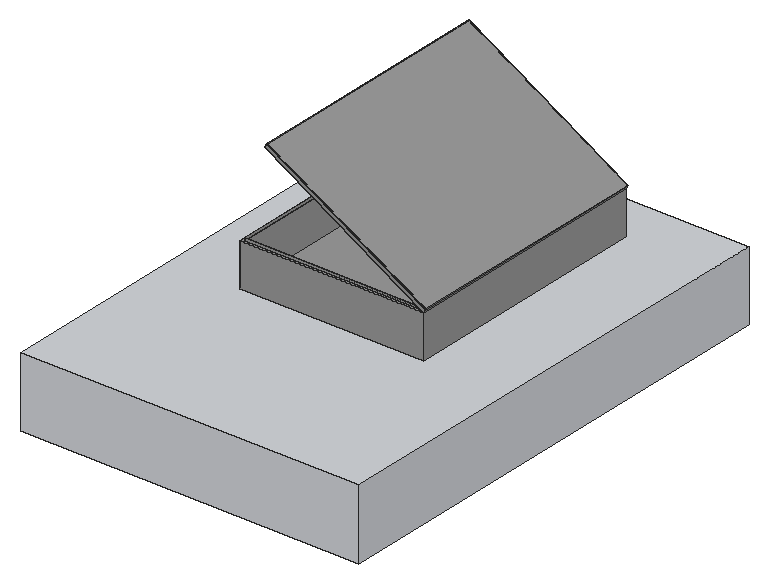
Revit family "Hager-Univers-IP44-D205-H1100-Cl.II-Encl-CH-it", category Equipement électrique, Revit 2020
Family settings
  Hôte = Face
  Configuration du panneau = Deux colonnes, circuits au sein
  Cote de connecteur circulaire = Utiliser le diamètre
  Type d'élément = Tableau de raccordement
  Couper avec des vides une fois chargée = Non
  Partagée = Non
  Point de calcul de pièce = Non
Parameters (values of type "A parete IP44 L800 A1100 P205  - FP73QS")
  Width Control [instance] = if([EF000008 - Larghezza] > Min Width, [EF000008 - Larghezza], Min Width)  # 800 mm
  Commentaires du type = [HG000003 - Gamma]  # "Univers"
  Thickness Door [instance] = if([EF009171 - spessore materiale porta/coperchio] > 3 mm, 3 mm, [EF009171 - spessore materiale porta/coperchio])  # 1 mm
  Seal Frame Offset [instance] = 17 mm  # constant formula
  Plinth Visibility [instance] = [HG000027 - Altezza dello zoccolo] > 0 mm  # no
  Model = ""
  Min Width [instance] = 100 mm  # constant formula
  Min Height [instance] = 100 mm  # constant formula
  Min Depth [instance] = (2 * [EF009170 - spessore materiale scatola]) + 1 mm  # 3 mm
  Internal Frame Depth [instance] = (Door System Depth * 0.5)  # 9 mm
  Height Control [instance] = if([EF000040 - Altezza] > Min Height, [EF000040 - Altezza], Min Height)  # 1100 mm
  HG000027 - Altezza dello zoccolo = 0 mm
  HG000026 - A pavimento = no
  HG000024 - Altezza della sezione inferiore = 800 mm
  HG000023 - Custodia a doppia sezione = no
  HG000016 - Visibilità delle porte nella vista 3D [instance] = yes
  HG000015 - Visibilità attraverso la porta [instance] = no
  HG000014 - Porta destra [instance] = yes
  HG000013 - Porta sinistra [instance] = not([HG000014 - Porta destra])  # no
  HG000012 - Angolo di apertura della porta [instance] = 30.00°
  HG000010 - Porte asimmetriche = no
  HG000009 - Porta doppia a battente = no
  HG000006 - Ad incasso = no
  HG000004 - Codice produttore = "FP73QS"
  HG000003 - Gamma = "Univers"
  HG000002 - Con porta = yes
  Frame Offset Bottom [instance] = 10 mm  # constant formula
  Frame Offset [instance] = 15 mm  # constant formula
  EF015940 - Coprire con rilascio di sovrapressione = no
  EF011959 - tipo di protezione (NEMA) = ""
  EF009554 - numero delle aperture per la piastra della flangia = 6
  Fabricant = "Hager"  # constant formula
  EF009212 - esecuzione coperchio = "EV000116 - chiuso"
  EF009171 - spessore materiale porta/coperchio = 1 mm
  EF009170 - spessore materiale scatola = 1 mm
  EF008873 - corrente nominale (In) = 250 A
  EF007800 - adatto per parafulmine = no
  EF006306 - con serratura = no
  EF006244 - coperchio/porta trasparente = no
  EF005474 - grado di protezione (IP) = "EV006418 - IP44"
  EF004464 - tipo di porta = "EV002646 - singolo"
  EF004427 - numero di moduli = 252
  EF004293 - resistenza agli urti = "EV006815 - IK09"
  EF003532 - adatto per uso esterno = no
  EF002950 - Numero moduli DIN = 36
  EF001613 - Integrità del circuito = "EV000494 - senza"
  EF001596 - Attacco Lampada = "EV000179 - acciaio"
  EF001131 - profondità interna = 143 mm
  EF001088 - possibilità di applicazione = yes
  EF000437 - numero di ingressi per conduttori = 6
  EF000339 - tipo di copertura = "EV001012 - coperchio"
  EF000266 - numero di file = 7
  EF000218 - profondità di incasso = 0 mm
  EF000118 - con piastra di montaggio = no
  EF000116 - numero RAL = "9010"
  EF000049 - profondità = 205 mm
  EF000040 - Altezza = 1100 mm
  EF000008 - Larghezza = 800 mm
  EF000007 - colore = "EV000202 - bianco"
  EF000003 - Tipo di montaggio = "EV000384 - A parete"
  Door System Leaf Tolerance [instance] = 1.5 mm  # constant formula
  Door System Depth [instance] = 18 mm  # constant formula
  Door Height [instance] = Height Control - [HG000027 - Altezza dello zoccolo]  # 1100 mm
  Depth Control [instance] = if([EF000049 - profondità] > Min Depth, [EF000049 - profondità], Min Depth)  # 205 mm
  Default Elevation = 0 mm
  Connector Offset [instance] = Height Control / 2  # 550 mm
  Bottom Top Plate Trim [instance] = 1.5 mm  # constant formula
  Plinth height Ctrl [instance] = if([HG000027 - Altezza dello zoccolo] > 0 mm, [HG000027 - Altezza dello zoccolo], 12 mm)  # 12 mm
Types (5, lengths in mm): name | Width Control | HG000009 - Porta doppia a battente | HG000004 - Codice produttore | EF009554 - numero delle aperture per la piastra della flangia | EF004464 - tipo di porta | EF004427 - numero di moduli | EF002950 - Numero moduli DIN | EF000437 - numero di ingressi per conduttori | EF000008 - Larghezza
  A parete IP44 L1050 A1100 P205  - FP74QS | 1050 | yes | "FP74QS" | 8 | "EV003602 - doppio" | 336 | 48 | 8 | 1050
  A parete IP44 L1300 A1100 P205  - FP75QS | 1300 | yes | "FP75QS" | 10 | "EV003602 - doppio" | 420 | 60 | 10 | 1300
  A parete IP44 L300 A1100 P205  - FP71QS | 300 | no | "FP71QS" | 2 | "EV002646 - singolo" | 84 | 12 | 2 | 300
  A parete IP44 L550 A1100 P205  - FP72QS | 550 | no | "FP72QS" | 4 | "EV002646 - singolo" | 168 | 24 | 4 | 550
  A parete IP44 L800 A1100 P205  - FP73QS | 800 | no | "FP73QS" | 6 | "EV002646 - singolo" | 252 | 36 | 6 | 800
Reference planes
  plane 1 "Center (Front/Back)": y = 0
  plane 2: z = 0
  plane 3 "Center (Left/Right)": x = 0
  plane 4: z = 205
  plane 5: y = 1
  plane 6: y = 550
  plane 7: y = 0
  plane 8: y = 1100
  plane 9: z = 0
  plane 10: x = -385
  plane 11: x = 385
  plane 12: x = 384
  plane 13: x = -384
  plane 14: y = 1099
  plane 15: x = -383
  plane 16: x = -400
  plane 17: x = 383
  plane 18: x = 400
  plane 19: x = 399
  plane 20: x = -399
  plane 21: y = 11
  plane 22: y = 1100
  plane 23: y = 1084
  plane 24: z = 187
  plane 25: z = 1
  plane 26: z = 186
  plane 27: z = 204
Forms (mm)
  Extrusion 1, solid
    sketch origin (0, 0, 0) x (1, 0, 0) y (0, 1, 0)
      loop
        line (-702.964, 1305) -> (-702.964, -811.445) -> (766.763, -811.445) -> (766.763, 1305) -> (-702.964, 1305)
    from 0 to -304.8
  Extrusion 2, solid, material "Hager_Steel_RAL7035_Light_Grey", visible <- "Plinth Visibility", detail levels medium+fine
    sketch origin (0, 0, 0) x (1, 0, 0) y (0, 1, 0)
      loop
        line (-400, 0) -> (400, 0) -> (400, 12) -> (-400, 12) -> (-400, 0)
    from 0 to 187
  Extrusion 3, solid, material "Hager_Steel_RAL7035_Light_Grey", detail levels medium+fine
    sketch origin (0, 0, 0) x (1, 0, 0) y (0, 1, 0)
      loop
        line (-400, 0) -> (400, 0) -> (400, 1100) -> (-400, 1100) -> (-400, 0)
    from 0 to 187
  Extrusion 4, void
    sketch origin (0, 0, 0) x (1, 0, 0) y (0, 1, 0)
      loop
        line (-399, 1) -> (399, 1) -> (399, 1099) -> (-399, 1099) -> (-399, 1)
    from 1 to 186
  Extrusion 5, void
    sketch origin (-381.607, -4572, 187) x (0, -1, 0) y (-1, 0, 0)
      loop
        line (-4583, 2.393) -> (-5656, 2.393) -> (-5656, -765.607) -> (-4583, -765.607) -> (-4583, 2.393)
    from 0 to 1 <- "EF009170 - spessore materiale scatola"
  Extrusion 6, solid, material "Hager_Steel_RAL7035_Light_Grey", detail levels fine
    sketch origin (0, 0, 187) x (1, 0, 0) y (0, 1, 0)
      loop
        line (-384, 1084) -> (-384, 11) -> (384, 11) -> (384, 1084) -> (-384, 1084)
      loop
        line (-385, 10) -> (385, 10) -> (385, 1085) -> (-385, 1085) -> (-385, 10)
    from 0 to 9 <- "Internal Frame Depth"
  Extrusion 7, solid, material "Hager_Steel_RAL7035_Light_Grey", detail levels coarse
    sketch origin (0, 0, 0) x (1, 0, 0) y (0, 1, 0)
      loop
        line (-400, 0) -> (400, 0) -> (400, 1100) -> (-400, 1100) -> (-400, 0)
    from 0 to 205
  Sweep 8, void
    path in 3D
      loop
        line (-400, 12, 0) -> (400, 12, 0) -> (400, 12, 187) -> (-400, 12, 187) -> (-400, 12, 0)
    profile origin (-400, 12, 93.5) x (-1, 0, 0) y (0, -1, 0)
      loop
        line (0, 0) -> (0, 1.5) -> (-1.5, 1.5)
        arc (-1.5, 1.5) -> (-1.061, 0.439) -> (0, 0) r 1.5
Cuts and joins
  Extrusion 4, Extrusion 5 cuts Extrusion 3
  Sweep 8 cuts Extrusion 2
Lines and regions (mm)
  Masking region 1
    outline origin (0, 0, 0) x (1, 0, 0) y (0, 0, 1)
      loop
        line (-400, 205) -> (-400, 0) -> (400, 0) -> (400, 205) -> (-400, 205)
  Masking region 2, detail levels medium+fine
    outline origin (0, 140, 0) x (0, 1, 0) y (0, 0, 1)
      loop
        line (-140, 0) -> (960, 0) -> (960, 187) -> (-140, 187) -> (-140, 0)
  Masking region 3, not visible, detail levels medium+fine
    outline origin (0, 297.922, 0) x (0, 1, 0) y (0, 0, 1)
      loop
        line (263.578, 0) -> (303.578, 0) -> (303.578, 194)
        arc (303.578, 194) -> (300.649, 201.071) -> (293.578, 204) r 10
        line (293.578, 204) -> (263.578, 204) -> (263.578, 0)
  Masking region 4, detail levels coarse
    outline origin (0, 0, 180) x (0, 1, 0) y (0, 0, 1)
      loop
        line (0, -180) -> (1100, -180) -> (1100, 25) -> (0, 25) -> (0, -180)
  Masking region 5, visible <- "Plinth Visibility", detail levels medium+fine
    outline origin (0, 52.24, 12.345) x (0, 0, -1) y (0, 1, 0)
      loop
        line (10.845, -40.24) -> (-173.155, -40.24)
        arc (-173.155, -40.24) -> (-173.594, -41.301) -> (-174.655, -41.74) r 1.5
        line (-174.655, -41.74) -> (-174.655, -52.24) -> (12.345, -52.24) -> (12.345, -41.74)
        arc (12.345, -41.74) -> (11.285, -41.301) -> (10.845, -40.24) r 1.5
  Masking region 6, detail levels medium+fine
    outline origin (-381.607, -4572, 187) x (-1, 0, 0) y (0, -1, 0)
      loop
        line (18.393, -5672) -> (18.393, -4572) -> (-781.607, -4572) -> (-781.607, -5672) -> (18.393, -5672)
  Masking region 7, visible <- "Plinth Visibility", detail levels medium+fine
    outline origin (-381.607, -4727, 187) x (-1, 0, 0) y (0, -1, 0)
      loop
        arc (16.893, -4739) -> (17.332, -4737.939) -> (18.393, -4737.5) r 1.5
        line (18.393, -4737.5) -> (18.393, -4727) -> (-781.607, -4727) -> (-781.607, -4737.5)
        arc (-781.607, -4737.5) -> (-780.546, -4737.939) -> (-780.107, -4739) r 1.5
        line (-780.107, -4739) -> (16.893, -4739)
  Masking region 8, detail levels coarse
    outline origin (-442.548, -4669.526, 187) x (-1, 0, 0) y (0, -1, 0)
      loop
        line (-42.548, -5769.526) -> (-42.548, -4669.526) -> (-842.548, -4669.526) -> (-842.548, -5769.526) -> (-42.548, -5769.526)
  sketch lines
    curve 1: line (-400, 12, 187) -> (-400, 12, 0)
    curve 2: line (400, 12, 187) -> (-400, 12, 187)
    curve 3: line (400, 12, 187) -> (400, 12, 0)
    curve 4: line (-400, 12, 0) -> (400, 12, 0)
Dimensions and locks
  "Depth Control": plane 4 to Extrusion 1
  "HG000027 - Altezza dello zoccolo": plane 1 "Center (Front/Back)" to plane 7
  "EF009170 - spessore materiale scatola": plane 5 to plane 7
  locked: connector elem to plane 3 "Center (Left/Right)"
  equal spacing: plane 8, plane 6, plane 7
  locked: connector elem to plane 6
  "EF009170 - spessore materiale scatola": plane 8 to plane 14
  "EF009170 - spessore materiale scatola": plane 10 to plane 13
  "EF009170 - spessore materiale scatola": plane 12 to plane 11
  "Frame Offset": plane 20 to plane 13
  "Frame Offset": plane 12 to plane 19
  "EF009170 - spessore materiale scatola": plane 16 to plane 20
  "EF009170 - spessore materiale scatola": plane 19 to plane 18
  "Seal Frame Offset": plane 16 to plane 15
  "Seal Frame Offset": plane 17 to plane 18
  "Frame Offset Bottom": plane 21 to plane 5
  "Frame Offset": plane 14 to plane 23
  equal spacing: plane 16, plane 3 "Center (Left/Right)", plane 18
  "Width Control": plane 16 to plane 18
  "EF009170 - spessore materiale scatola": plane 4 to plane 27
  "EF009170 - spessore materiale scatola": plane 24 to plane 26
  "EF009170 - spessore materiale scatola": plane 25 to level
  "Door System Depth": plane 4 to plane 24
  "Height Control": plane 1 "Center (Front/Back)" to Extrusion 7 sketch curve
  "Height Control": Masking region 4 sketch curve to plane 1 "Center (Front/Back)"
  "Height Control": plane 1 "Center (Front/Back)" to plane 22
  "Bottom Top Plate Trim": profile plane to Sweep 8 sketch curve
  "Bottom Top Plate Trim": Sweep 8 sketch curve to profile plane
  "Plinth height Ctrl": plane 1 "Center (Front/Back)" to Extrusion 2 sketch curve
  "Plinth height Ctrl": Masking region 5 sketch curve to plane 1 "Center (Front/Back)"
  "Plinth height Ctrl": plane 1 "Center (Front/Back)" to Masking region 7 sketch curve
  "Thickness Door": Extrusion 6 sketch curve to Extrusion 6 sketch curve  (x3)
  "Thickness Door": cut or joined group of Extrusion 3, Extrusion 4, Extrusion 5 to Extrusion 6 sketch curve
  radius of Masking region 3 sketch curve = 10 mm
  "Bottom Top Plate Trim": radius of Masking region 5 sketch curve  (x2)
  "Bottom Top Plate Trim": radius of Sweep 8 sketch curve
  "Bottom Top Plate Trim": radius of Masking region 7 sketch curve  (x2)
  aligned and locked: plane 2 to Extrusion 1
  aligned and locked: level to Extrusion 1
  aligned and locked: level to Masking region 1 sketch curve
  aligned and locked: Masking region 1 sketch curve to plane 18
  aligned and locked: Masking region 1 sketch curve to plane 16
  aligned and locked: plane 7 to Masking region 2 sketch curve
  aligned and locked: level to Masking region 3 sketch curve
  aligned and locked: Masking region 3 sketch curve to plane 27
  aligned and locked: level to Masking region 2 sketch curve
  aligned and locked: plane 1 "Center (Front/Back)" to Extrusion 2 sketch curve
  aligned and locked: Extrusion 3 sketch curve to plane 7
  aligned and locked: plane 16 to Extrusion 3 sketch curve
  aligned and locked: plane 18 to Extrusion 3 sketch curve
  aligned and locked: plane 20 to Extrusion 4 sketch curve
  aligned and locked: plane 19 to Extrusion 4 sketch curve
  aligned and locked: Extrusion 4 sketch curve to plane 5
  aligned and locked: Extrusion 4 to plane 25
  aligned and locked: plane 26 to Extrusion 4
  aligned and locked: plane 24 to Extrusion 3
  aligned and locked: Extrusion 5 sketch curve to plane 21
  aligned and locked: Extrusion 5 sketch curve to plane 13
  aligned and locked: Extrusion 5 sketch curve to plane 12
  aligned and locked: plane 18 to Extrusion 7 sketch curve
  aligned and locked: plane 1 "Center (Front/Back)" to Extrusion 7 sketch curve
  aligned and locked: plane 16 to Extrusion 7 sketch curve
  aligned and locked: plane 4 to Extrusion 7
  aligned and locked: Extrusion 7 to level
  aligned and locked: level to Masking region 4 sketch curve
  aligned and locked: Masking region 4 sketch curve to plane 1 "Center (Front/Back)"
  aligned and locked: Masking region 4 sketch curve to plane 4
  aligned and locked: nested 1 to level
  aligned and locked: nested 1 to plane 16
  aligned and locked: plane 8 to Extrusion 3 sketch curve
  aligned and locked: plane 23 to Extrusion 5 sketch curve
  aligned and locked: plane 14 to Extrusion 4 sketch curve
  aligned and locked: Masking region 2 sketch curve to plane 8
  aligned and locked: level to Masking region 5 sketch curve
  aligned and locked: plane 16 to Extrusion 2 sketch curve
  aligned and locked: plane 18 to Extrusion 2 sketch curve
  aligned and locked: Masking region 5 sketch curve to plane 24
  aligned and locked: Masking region 2 sketch curve to plane 24
  aligned and locked: plane 24 to Extrusion 2
  aligned and locked: profile plane to Sweep 8 sketch curve  (x2)
  aligned and locked: Masking region 6 sketch curve to plane 18
  aligned and locked: Masking region 6 sketch curve to plane 22
  aligned and locked: Masking region 6 sketch curve to plane 16
  aligned and locked: plane 8 to plane 22
  aligned and locked: Masking region 6 sketch curve to plane 7
  aligned and locked: Masking region 7 sketch curve to plane 16
  aligned and locked: Masking region 7 sketch curve to plane 1 "Center (Front/Back)"
  aligned and locked: Masking region 7 sketch curve to plane 18
  aligned and locked: Masking region 8 sketch curve to plane 1 "Center (Front/Back)"
  aligned and locked: Masking region 8 sketch curve to plane 18
  aligned and locked: Masking region 8 sketch curve to plane 22
  aligned and locked: Masking region 8 sketch curve to plane 16
  aligned and locked: nested 2 to plane 7
  aligned and locked: plane 3 "Center (Left/Right)" to nested 2
  aligned and locked: nested 2 to plane 24
  aligned and locked: Extrusion 6 sketch curve to cut or joined group of Extrusion 3, Extrusion 4, Extrusion 5  (x4)
Automatic sketch dimensions
  Extrusion 1 sketch curve to Extrusion 1 sketch curve = 1469.727 mm
  Extrusion 1 sketch curve to Extrusion 1 sketch curve = 2116.445 mm
  Masking region 1 sketch curve to plane 4 = 0 mm
  plane 6 to Masking region 3 sketch curve = 11.5 mm
  Masking region 3 sketch curve to Masking region 3 sketch curve = 30 mm
  Masking region 5 sketch curve to plane 1 "Center (Front/Back)" = 0 mm
Nested families
  nested 1: "Hager_Enclosure_Symbol" at (-400, 0, 0) x (1, 0, 0) z (0, -1, 0), Height <- "Depth Control", Width <- "Width Control", type "Hager_Enclosure_Symbol"
    with Width_Ctrl 800 mm, Width 800 mm, Height_Ctrl 205 mm, Height 205 mm, A_Width_Int 13.453 mm, A_Width 161.438 mm, A_Height_Ctrl 179.375 mm, A_Height 179.375 mm
  nested 2: "EC000058_Univers_Door" at (0, 0, 187) x (1, 0, 0) z (0, 1, 0), Leaf_Tolerance <- "Door System Leaf Tolerance", Angle <- "HG000012 - Angolo di apertura della porta", Door_Depth <- "Door System Depth", Door_Left <- "HG000013 - Porta sinistra", Transparent <- "EF006244 - coperchio/porta trasparente", Assymetrical <- "HG000010 - Porte asimmetriche", Width <- "Width Control", Clearance <- "HG000015 - Visibilità attraverso la porta", Double <- "HG000009 - Porta doppia a battente", 3d_Door <- "HG000016 - Visibilità delle porte nella vista 3D", Lock_Visibility <- "EF006306 - con serratura", Width_Ctrl <- "Width Control", Door_Right <- "HG000014 - Porta destra", Door <- "HG000002 - Con porta", Height <- "Door Height", Thickness <- "Thickness Door", type "EC000058_Univers_Door", detail levels medium+fine
    with min_wh 3 mm, Width_Ctrl 800 mm, Width 800 mm, Transparent no, Thickness 1 mm, Seal_Material Hager_Rubber, Lock_Visibility no, Lock_Material Hager_Plastic_RAL9005_Jet_Black, Leaf_Width 800 mm, Leaf_Tolerance_External_Sides 0 mm, Leaf_Tolerance 1.5 mm, Leaf_Offset 0 mm, Leaf_Height 1097 mm, Leaf_2_Width 800 mm, Leaf_2_Offset 400 mm, Leaf_1_Width 800 mm, Leaf_1_Offset 400 mm, Height_Ctrl 1100 mm, Height 1100 mm, Glass_Material Hager_Glass, Double_Clearance_Ctrl no, Double no, Door_Right_Ctrl yes, Door_Right yes, Door_Material Hager_Steel_RAL7035_Light_Grey, Door_Left_Ctrl no, Door_Left no, Door_Depth 18 mm, Door yes, Clearance_Material Hager_Clearance, Clearance_Depth 800 mm, Clearance_Ctrl no, Clearance no, Assymetrical no, Angle 30.00°, 3d_Door yes
Connectors
  electrical at (0, 550, 0)
    settings: on plane 9, index 1, voltage 0 V, apparent load 0 VA, apparent load phase1 0 VA, apparent load phase2 0 VA, apparent load phase3 0 VA, power factor 1, load classification "Other", number of poles 1, system type 30, power factor state 1, is connector primary yes, connector utility no, sub classification motor no, connector description ""
Definition of nested family "EC000058_Univers_Door"
  Parameters (values of type "EC000058_Univers_Door")
    min_wh [instance] = (2 * Thickness) + 1 mm  # 11 mm
    Width_Ctrl [instance] = 400 mm
    Width [instance] = 500 mm
    Transparent [instance] = yes
    Thickness [instance] = 5 mm
    Seal_Material [instance] = none
    Lock_Visibility [instance] = yes
    Lock_Material [instance] = none
    Leaf_Width [instance] = if((Width_Ctrl - 2 * Leaf_Tolerance_External_Sides) > 0 mm, (Width_Ctrl - 2 * Leaf_Tolerance_External_Sides), min_wh)  # 400 mm
    Leaf_Tolerance_External_Sides [instance] = 0 mm  # constant formula
    Leaf_Tolerance [instance] = 1.5 mm
    Leaf_Offset [instance] = 0 mm  # constant formula
    Leaf_Height [instance] = if((Height_Ctrl - 2 * Leaf_Tolerance) > 0 mm, (Height_Ctrl - 2 * Leaf_Tolerance), min_wh)  # 497 mm
    Leaf_2_Width [instance] = if(and(and(Double, Assymetrical), Door_Left), (Leaf_Width / 3) - (Leaf_Tolerance / 2), if(and(and(Double, Assymetrical), Door_Right), (Leaf_Width / 3) * 2 - (Leaf_Tolerance / 2), if(and(Double, not(Assymetrical)), (Leaf_Width / 2) - Leaf_Tolerance, Leaf_Width)))  # 400 mm
    Leaf_2_Offset [instance] = if(and(Double, Assymetrical), Leaf_2_Width / 2, if(and(Double, not(Assymetrical)), Leaf_Width / 4, Leaf_Width / 2))  # 200 mm
    Leaf_1_Width [instance] = if(and(and(Double, Assymetrical), Door_Right), (Leaf_Width / 3) - (Leaf_Tolerance / 2), if(and(and(Double, Assymetrical), Door_Left), (Width / 3) * 2 - (Leaf_Tolerance / 2), if(and(Double, not(Assymetrical)), (Leaf_Width / 2) - Leaf_Tolerance, Leaf_Width)))  # 400 mm
    Leaf_1_Offset [instance] = if(and(Double, Assymetrical), Leaf_1_Width / 2, if(and(Double, not(Assymetrical)), Leaf_Width / 4, Leaf_Width / 2))  # 200 mm
    Height_Ctrl [instance] = if(Height > min_wh, Height, min_wh)  # 500 mm
    Height [instance] = 500 mm
    Glass_Material [instance] = none
    Double_Clearance_Ctrl [instance] = and(Double, Clearance)  # no
    Double [instance] = no
    Door_Right_Ctrl [instance] = and(or(Door_Right, Double), Door)  # yes
    Door_Right [instance] = yes
    Door_Material [instance] = none
    Door_Left_Ctrl [instance] = and(or(Door_Left, Double), Door)  # no
    Door_Left [instance] = no
    Door_Depth [instance] = 30 mm
    Door [instance] = yes
    Default Elevation = 1219.2 mm
    Clearance_Material [instance] = none
    Clearance_Depth [instance] = if(Leaf_1_Width > Leaf_2_Width, Leaf_1_Width, Leaf_2_Width)  # 400 mm
    Clearance_Ctrl [instance] = and(not(Double), Clearance)  # yes
    Clearance [instance] = yes
    Assymetrical [instance] = yes
    Angle [instance] = 30.00°
    3d_Door [instance] = yes
  Reference planes
    plane 1 "Center (Front/Back)": y = 0
    plane 2 "Bottom": z = 0
    plane 3 "Center (Left/Right)": x = 0
    plane 4: z = 500
    plane 5: x = -200
    plane 6: x = 200
    plane 7: z = 500
    plane 8: x = -200
    plane 9: z = 0
    plane 10: x = 200
    plane 11: y = 0
    plane 12: z = 1.5
    plane 13: x = -600
    plane 14: y = -400
    plane 15: x = 600
    plane 16: x = 0
    plane 17: x = 0
    plane 18: x = -200
    plane 19: x = 200
    plane 20: z = 498.5
  Forms (mm)
    Extrusion 1, solid, material <- "Clearance_Material", visible <- "Double_Clearance_Ctrl"
      sketch origin (1200, 0, 0) x (1, 0, 0) y (0, 0, -1)
        loop
          line (-1800, -498.5) -> (-600, -498.5) -> (-600, 0) -> (-1800, 0) -> (-1800, -498.5)
      from 0 to -400
  Dimensions and locks
    equal spacing: plane 5, plane 3 "Center (Left/Right)", plane 6
    "Width_Ctrl": plane 5 to plane 6
    "Leaf_Offset": plane 5 to plane 8
    "Leaf_Offset": plane 6 to plane 10
    "Leaf_Offset": plane 9 to level
    "Leaf_Offset": plane 4 to plane 7
    "Height_Ctrl": plane 4 to level
    "Leaf_Tolerance": plane 12 to plane 9
    locked: plane 11 to plane 1 "Center (Front/Back)"
    "Leaf_1_Offset": plane 18 to plane 16
    "Leaf_2_Offset": plane 17 to plane 19
    "Leaf_1_Width": plane 13 to plane 8
    "Leaf_2_Width": plane 10 to plane 15
    "Clearance_Depth": plane 14 to plane 1 "Center (Front/Back)"
    "Leaf_Tolerance_External_Sides": plane 8 to plane 18
    "Leaf_Tolerance_External_Sides": plane 19 to plane 10
    "Leaf_Tolerance": plane 7 to plane 20
    aligned and locked: level to plane 2 "Bottom"
    aligned and locked: nested 1 to plane 16
    aligned and locked: nested 2 to plane 17
    aligned and locked: Extrusion 1 to plane 13
    aligned and locked: plane 15 to Extrusion 1
    aligned and locked: Extrusion 1 to plane 14
    aligned and locked: plane 12 to nested 1
    aligned and locked: nested 2 to plane 12
    aligned and locked: Extrusion 1 to plane 11
    aligned and locked: plane 20 to Extrusion 1
    aligned and locked: nested 2 to plane 11
    aligned and locked: nested 1 to plane 11
  Automatic sketch dimensions
    Extrusion 1 sketch curve to level = 0 mm
    plane 5 to Extrusion 1 sketch curve = 400 mm
    plane 6 to Extrusion 1 sketch curve = 400 mm
    Extrusion 1 sketch curve to plane 4 = 1.5 mm
  Nested families
    nested 1: "EC000058_Univers_Door_Leaf" at (0, 0, 1.5), Width <- "Leaf_1_Width", visible <- "Door_Left_Ctrl", Leaf_Height <- "Leaf_Height", Angle <- "Angle", 3d_Door <- "3d_Door", Transparent <- "Transparent", Clearance Material <- "Clearance_Material", Clearance <- "Clearance_Ctrl", Door_Material <- "Door_Material", Glass_Material <- "Glass_Material", Door_Depth <- "Door_Depth", Lock_Material <- "Lock_Material", Seal_Material <- "Seal_Material", Lock_Visibility <- "Lock_Visibility", Thickness <- "Thickness", type "EC000058_Univers_Door_Leaf"
      with Width 400 mm, Transparent_Glass_Offset 30 mm, Transparent_Ctrl yes, Transparent yes, Thickness 5 mm, Standard no, Seal_Material none, Seal_D2 8 mm, Seal_D1 1 mm, Offset_Internal_Frame 10 mm, Lock_Width 20 mm, Lock_Visibility_3d yes, Lock_Visibility yes, Lock_Thickness_3 3 mm, Lock_Thickness_2 1 mm, Lock_Thickness_1 3 mm, Lock_Radius_Offset_2 16 mm, Lock_Radius_Offset_1 15 mm, Lock_Radius_2 5 mm, Lock_Radius 6 mm, Lock_Offset 5 mm, Lock_Material none, Lock_Height 80 mm, Lock_Cover_Top_Offset_2d 17 mm, Lock_Cover_Height -65 mm, Leaf_Height 497 mm, Internal_Seal_Thickness 8 mm, Internal_Seal_Depth_2 4.5 mm, Internal_Frame_Depth 25 mm, Glass_Thickness -1 mm, Glass_Offset -2 mm, Glass_Material none, Door_Material none, Door_Depth 30 mm, Clearance Material none, Clearance yes, Angle_Ctrl 30.00°, Angle 30.00°, 3d_Door yes
    nested 2: "EC000058_Univers_Door_Leaf" at (0, 0, 1.5) x (-1, 0, 0) z (0, 0, 1), Width <- "Leaf_2_Width", visible <- "Door_Right_Ctrl", Leaf_Height <- "Leaf_Height", Angle <- "Angle", 3d_Door <- "3d_Door", Transparent <- "Transparent", Clearance Material <- "Clearance_Material", Clearance <- "Clearance_Ctrl", Door_Material <- "Door_Material", Glass_Material <- "Glass_Material", Door_Depth <- "Door_Depth", Lock_Material <- "Lock_Material", Seal_Material <- "Seal_Material", Lock_Visibility <- "Lock_Visibility", Thickness <- "Thickness", type "EC000058_Univers_Door_Leaf"
      with Width 400 mm, Transparent_Glass_Offset 30 mm, Transparent_Ctrl yes, Transparent yes, Thickness 5 mm, Standard no, Seal_Material none, Seal_D2 8 mm, Seal_D1 1 mm, Offset_Internal_Frame 10 mm, Lock_Width 20 mm, Lock_Visibility_3d yes, Lock_Visibility yes, Lock_Thickness_3 3 mm, Lock_Thickness_2 1 mm, Lock_Thickness_1 3 mm, Lock_Radius_Offset_2 16 mm, Lock_Radius_Offset_1 15 mm, Lock_Radius_2 5 mm, Lock_Radius 6 mm, Lock_Offset 5 mm, Lock_Material none, Lock_Height 80 mm, Lock_Cover_Top_Offset_2d 17 mm, Lock_Cover_Height -65 mm, Leaf_Height 497 mm, Internal_Seal_Thickness 8 mm, Internal_Seal_Depth_2 4.5 mm, Internal_Frame_Depth 25 mm, Glass_Thickness -1 mm, Glass_Offset -2 mm, Glass_Material none, Door_Material none, Door_Depth 30 mm, Clearance Material none, Clearance yes, Angle_Ctrl 30.00°, Angle 30.00°, 3d_Door yes
  Definition of nested family "EC000058_Univers_Door_Leaf"
    Parameters (values of type "EC000058_Univers_Door_Leaf")
      Width [instance] = 2000 mm
      Transparent_Glass_Offset [instance] = 30 mm
      Transparent_Ctrl [instance] = and(Transparent, [3d_Door])  # yes
      Transparent [instance] = yes
      Thickness [instance] = 5 mm
      Standard [instance] = and(not(Transparent), [3d_Door])  # no
      Seal_Material [instance] = none
      Seal_D2 [instance] = 8 mm  # constant formula
      Seal_D1 [instance] = 1 mm  # constant formula
      Offset_Internal_Frame [instance] = 10 mm  # constant formula
      Lock_Width [instance] = 20 mm  # constant formula
      Lock_Visibility_3d [instance] = and(Lock_Visibility, [3d_Door])  # yes
      Lock_Visibility [instance] = yes
      Lock_Thickness_3 [instance] = 3 mm  # constant formula
      Lock_Thickness_2 [instance] = 1 mm  # constant formula
      Lock_Thickness_1 [instance] = 3 mm  # constant formula
      Lock_Radius_Offset_2 [instance] = Lock_Radius_Offset_1 + 1 mm  # 16 mm
      Lock_Radius_Offset_1 [instance] = 15 mm  # constant formula
      Lock_Radius_2 [instance] = Lock_Radius - 1 mm  # 5 mm
      Lock_Radius [instance] = 6 mm  # constant formula
      Lock_Offset [instance] = 5 mm  # constant formula
      Lock_Material [instance] = none
      Lock_Height [instance] = 80 mm  # constant formula
      Lock_Cover_Top_Offset_2d [instance] = Lock_Radius_Offset_2 + 1 mm  # 17 mm
      Lock_Cover_Height [instance] = -(Lock_Height - Lock_Radius_Offset_1)  # -65 mm
      Leaf_Height [instance] = 2720.336 mm
      Internal_Seal_Thickness [instance] = 8 mm  # constant formula
      Internal_Seal_Depth_2 [instance] = 4.5 mm  # constant formula
      Internal_Frame_Depth [instance] = if(Door_Depth - Thickness > 5 mm, Door_Depth - Thickness, 5 mm)  # 25 mm
      Glass_Thickness [instance] = if(Thickness > 15 mm, Glass_Offset + 10 mm, -1 mm)  # -1 mm
      Glass_Offset [instance] = if(Thickness > 15 mm, -(Thickness + 10 mm) / 2, -2 mm)  # -2 mm
      Glass_Material [instance] = none
      Door_Material [instance] = none
      Door_Depth [instance] = 30 mm
      Default Elevation = 0 mm
      Clearance Material [instance] = none
      Clearance [instance] = yes
      Angle_Ctrl [instance] = if(Angle > 180.00°, 180.00°, Angle)  # 90.00°
      Angle [instance] = 90.00°
      3d_Door [instance] = yes
    Reference planes
      plane 1 "Center (Front/Back)": y = 0
      plane 2: z = 0
      plane 3 "Center (Left/Right)": x = 0
      plane 4: y = 2000
      plane 5: x = -1000
      plane 6: x = 1000
      plane 7: x = -3000
      plane 8: z = 2720.336
      plane 9: z = 30
      plane 10: z = 2690.336
      plane 11: x = 970
      plane 12: x = -970
      plane 13: y = -3
      plane 14: z = 107.833
      plane 15: y = -5
      plane 16: y = -223.314
      plane 17: x = -1000
      plane 18: z = 1360.168
      plane 19: y = 30
    Forms (mm)
      Extrusion 1, solid, material <- "Clearance Material", visible <- "Clearance"
        sketch origin (0, 0, 0) x (1, 0, 0) y (0, 0, 1)
          loop
            line (-3000, 2720.336) -> (-3000, 0) -> (1000, 0) -> (1000, 2720.336) -> (-3000, 2720.336)
        from 0 to -2000
      Extrusion 2, solid, material <- "Door_Material", visible <- "Standard", detail levels medium+fine
        sketch origin (-1000, 0, 0) x (0, 1, 0) y (-1, 0, 0)
          loop
            line (0, 30) -> (0, 25) -> (2000, 25) -> (2000, 30) -> (0, 30)
        from 0 to 2720.336 <- "Leaf_Height"
      Extrusion 3, solid, material <- "Door_Material", visible <- "Transparent_Ctrl", detail levels medium+fine
        sketch origin (-1000, 0, 0) x (0, 1, 0) y (-1, 0, 0)
          loop
            line (0, 25) -> (2000, 25) -> (2000, 30) -> (0, 30) -> (0, 25)
        from 0 to 2720.336 <- "Leaf_Height"
      Extrusion 4, void
        sketch origin (-1025, 2000, 0) x (0, 1, 0) y (0, 0, -1)
          loop
            line (-30, -2690.336) -> (-30, -30) -> (-1970, -30) -> (-1970, -2690.336) -> (-30, -2690.336)
        from 0 to 5 <- "Thickness"
      Sweep 5, solid, material <- "Seal_Material", visible <- "Transparent_Ctrl", detail levels fine
        path in 3D
          loop
            line (-1025, 30, 30) -> (-1025, 30, 2690.336) -> (-1025, 1970, 2690.336) -> (-1025, 1970, 30) -> (-1025, 30, 30)
        profile origin (-1025, 1000, 30) x (1, 0, 0) y (0, 0, 1)
          loop
            line (0, 0) -> (0, -8) -> (1, -8) -> (1, 0) -> (0, 0)
      Extrusion 6, solid, material <- "Glass_Material", visible <- "Transparent_Ctrl", detail levels medium+fine
        sketch origin (-1030, 0, 0) x (0, 1, 0) y (0, 0, -1)
          loop
            line (1970, -2690.336) -> (1970, -30) -> (30, -30) -> (30, -2690.336) -> (1970, -2690.336)
        from -2 <- "Glass_Offset" to -1 <- "Glass_Thickness"
      Extrusion 7, solid, material <- "Door_Material", visible <- "3d_Door", detail levels medium+fine
        sketch origin (-1025, 2000, 0) x (0, -1, 0) y (0, 0, -1)
          loop
            line (0, -2720.336) -> (2000, -2720.336) -> (2000, 0) -> (0, 0) -> (0, -2720.336)
          loop
            line (1995, -5) -> (5, -5) -> (5, -2715.336) -> (1995, -2715.336) -> (1995, -5)
        from 0 to 25 <- "Internal_Frame_Depth"
      Sweep 8, solid, material <- "Seal_Material", visible <- "Transparent_Ctrl", detail levels fine
        path in 3D
          loop
            line (-1025, 0, 0) -> (-1025, 2000, 0) -> (-1025, 2000, 2720.336) -> (-1025, 0, 2720.336) -> (-1025, 0, 0)
        profile origin (-1025, 0, 1360.168) x (1, 0, 0) y (0, 1, 0)
          loop
            line (0, 10) -> (2.975, 10)
            arc (2.975, 10) -> (4.053, 10.447) -> (4.5, 11.525) r 1.525
            line (4.5, 11.525) -> (4.5, 16.527)
            arc (4.5, 16.527) -> (4.069, 17.569) -> (3.027, 18) r 1.473
            line (3.027, 18) -> (0, 18) -> (0, 10)
      Extrusion 9, solid, material <- "Lock_Material", visible <- "Lock_Visibility_3d", detail levels fine
        sketch origin (-1030, 0, 0) x (0, 1, 0) y (0, 0, -1)
          loop
            arc (1993.5, -1400.168) -> (1994.561, -1399.729) -> (1995, -1398.668) r 1.5
            line (1995, -1398.668) -> (1995, -1320.168) -> (1975, -1320.168) -> (1975, -1398.668)
            arc (1975, -1398.668) -> (1975.439, -1399.729) -> (1976.5, -1400.168) r 1.5
            line (1976.5, -1400.168) -> (1993.5, -1400.168)
        from 3 <- "Lock_Thickness_1" to 0
      Blend 10, solid, material <- "Lock_Material", visible <- "Lock_Visibility_3d", detail levels fine
        base sketch origin (-1033, 0, 0) x (0, 1, 0) y (0, 0, -1)
          loop
            line (1975, -1320.168) -> (1975, -1398.668)
            arc (1975, -1398.668) -> (1975.439, -1399.729) -> (1976.5, -1400.168) r 1.5
            line (1976.5, -1400.168) -> (1993.5, -1400.168)
            arc (1993.5, -1400.168) -> (1994.561, -1399.729) -> (1995, -1398.668) r 1.5
            line (1995, -1398.668) -> (1995, -1320.168) -> (1975, -1320.168)
        top sketch origin (-1033, 0, 0) x (0, 1, 0) y (0, 0, -1)
          loop
            line (1976, -1320.168) -> (1976, -1398.668)
            arc (1976, -1398.668) -> (1976.146, -1399.022) -> (1976.5, -1399.168) r 0.5
            line (1976.5, -1399.168) -> (1993.5, -1399.168)
            arc (1993.5, -1399.168) -> (1993.854, -1399.022) -> (1994, -1398.668) r 0.5
            line (1994, -1398.668) -> (1994, -1320.168) -> (1976, -1320.168)
        from 0 to 1 <- "Lock_Thickness_2"
      Blend 11, solid, material <- "Lock_Material", visible <- "Lock_Visibility_3d", detail levels fine
        base sketch origin (-1034, 0, 0) x (0, 1, 0) y (0, 0, -1)
          loop
            line (1978, -1320.168) -> (1978, -1384.168)
            arc (1978, -1384.168) -> (1985, -1391.168) -> (1992, -1384.168) r 7
            line (1992, -1384.168) -> (1992, -1320.168) -> (1978, -1320.168)
        top sketch origin (-1034, 0, 0) x (0, 1, 0) y (0, 0, -1)
          loop
            line (1991, -1320.168) -> (1979, -1320.168) -> (1979, -1383.168)
            arc (1979, -1383.168) -> (1985, -1389.168) -> (1991, -1383.168) r 6
            line (1991, -1383.168) -> (1991, -1320.168)
        from 0 to 3 <- "Lock_Thickness_3"
      Extrusion 12, solid, material <- "Lock_Material", visible <- "Lock_Visibility_3d", detail levels fine
        sketch origin (-1030, 1975, 1320.168) x (1, 0, 0) y (0, -1, 0)
          loop
            line (-7, -19) -> (-7, -1) -> (0, -1) -> (0, 0) -> (-8, 0) -> (-8, -20) -> (0, -20) -> (0, -19) -> (-7, -19)
        from 0 to -65 <- "Lock_Cover_Height"
      Extrusion 13, void
        sketch origin (-1038, 1995, 1320.168) x (-1, 0, 0) y (0, 0, -1)
          loop
            line (-5, -65) -> (0, -65) -> (-5, -60) -> (-5, -65)
        from 0 to 20 <- "Lock_Width"
      Extrusion 14, void
        sketch origin (-1038, 1975, 1320.168) x (0, -1, 0) y (0, 0, -1)
          loop
            circle (-10, -15.995) r 6
          loop
            circle (-10, -15.995) r 5
        from 0 to 2
      Extrusion 15, solid, material <- "Lock_Material", visible <- "Lock_Visibility_3d", detail levels medium
        sketch origin (-1030, 0, 0) x (0, 1, 0) y (0, 0, -1)
          loop
            arc (1993.5, -1400.168) -> (1994.561, -1399.729) -> (1995, -1398.668) r 1.5
            line (1995, -1398.668) -> (1995, -1320.168) -> (1975, -1320.168) -> (1975, -1398.668)
            arc (1975, -1398.668) -> (1975.439, -1399.729) -> (1976.5, -1400.168) r 1.5
            line (1976.5, -1400.168) -> (1993.5, -1400.168)
        from 8 to 0
    Cuts and joins
      Extrusion 4 cuts Extrusion 3
      Extrusion 13, Extrusion 14 cuts Extrusion 9
      Extrusion 14 cuts Blend 11
      Extrusion 13, Extrusion 14 cuts Extrusion 12
      joined: Extrusion 9, Blend 10, Blend 11, Extrusion 12
      Extrusion 14 cuts Extrusion 15
    Lines and regions (mm)
      Masking region 1, visible <- "Lock_Visibility", detail levels fine
        outline origin (0, 0, 0) x (0, 1, 0) y (0, 0, 1)
          loop
            line (30, 1320.168) -> (33, 1320.168) -> (33, 1400.168) -> (30, 1400.168) -> (30, 1320.168)
      Masking region 2, visible <- "Lock_Visibility", detail levels fine
        outline origin (0, 3.143, 0) x (0, 1, 0) y (0, 0, 1)
          loop
            line (29.857, 1354.168) -> (30.857, 1354.168) -> (30.857, 1366.168) -> (29.857, 1366.168) -> (29.857, 1354.168)
      Masking region 3, detail levels medium+fine
        outline origin (0, 0, 0) x (0, 1, 0) y (0, 0, 1)
          loop
            line (0, 0) -> (30, 0) -> (30, 2720.336) -> (0, 2720.336) -> (0, 0)
      Masking region 4, detail levels medium+fine
        outline origin (0, 0, 0) x (1, 0, 0) y (0, 0, 1)
          loop
            line (-1000, 2720.336) -> (-1000, 0) -> (1000, 0) -> (1000, 2720.336) -> (-1000, 2720.336)
      Masking region 5, visible <- "Lock_Visibility", detail levels fine
        outline origin (-47.116, 0, 0) x (1, 0, 0) y (0, 0, 1)
          loop
            arc (1024.616, 1399.168) -> (1023.556, 1398.729) -> (1023.116, 1397.668) r 1.5
            line (1023.116, 1397.668) -> (1023.116, 1320.168) -> (1041.116, 1320.168) -> (1041.116, 1397.668)
            arc (1041.116, 1397.668) -> (1040.677, 1398.729) -> (1039.616, 1399.168) r 1.5
            line (1039.616, 1399.168) -> (1024.616, 1399.168)
      Masking region 6, visible <- "Lock_Visibility", detail levels medium+fine
        outline origin (-25, 0, 0) x (1, 0, 0) y (0, 0, 1)
          loop
            arc (1001.5, 1400.168) -> (1000.439, 1399.729) -> (1000, 1398.668) r 1.5
            line (1000, 1398.668) -> (1000, 1320.168) -> (1020, 1320.168) -> (1020, 1398.668)
            arc (1020, 1398.668) -> (1019.561, 1399.729) -> (1018.5, 1400.168) r 1.5
            line (1018.5, 1400.168) -> (1001.5, 1400.168)
      Masking region 7, visible <- "Lock_Visibility", detail levels fine
        outline origin (-73.735, 0, 0) x (1, 0, 0) y (0, 0, 1)
          loop
            line (1051.735, 1382.168) -> (1065.735, 1382.168) -> (1065.735, 1384.168)
            arc (1065.735, 1384.168) -> (1058.735, 1391.168) -> (1051.735, 1384.168) r 7
            line (1051.735, 1384.168) -> (1051.735, 1382.168)
      Masking region 8, visible <- "Lock_Visibility", detail levels fine
        outline origin (-73.735, 0, 0) x (1, 0, 0) y (0, 0, 1)
          loop
            line (1052.735, 1382.168) -> (1064.735, 1382.168) -> (1064.735, 1383.168)
            arc (1064.735, 1383.168) -> (1058.735, 1389.168) -> (1052.735, 1383.168) r 6
            line (1052.735, 1383.168) -> (1052.735, 1382.168)
      Masking region 9, visible <- "Lock_Visibility", detail levels fine
        outline origin (-25, 0, 0) x (1, 0, 0) y (0, 0, 1)
          loop
            line (1020, 1320.168) -> (1020, 1382.168) -> (1000, 1382.168) -> (1000, 1320.168) -> (1020, 1320.168)
      Masking region 10, detail levels medium+fine
        outline origin (0, 0, 0) x (1, 0, 0) y (0, 0, 1)
          loop
            circle (985, 1335.144) r 6
      Masking region 11, detail levels fine
        outline origin (0, 0, 0) x (1, 0, 0) y (0, 0, 1)
          loop
            circle (985, 1335.144) r 5
      Masking region 12, visible <- "Lock_Visibility", detail levels fine
        outline origin (0, 12.767, 0) x (0, 1, 0) y (0, 0, 1)
          loop
            line (20.233, 1320.168) -> (21.233, 1320.168) -> (21.233, 1399.168) -> (20.233, 1400.168) -> (20.233, 1320.168)
      Masking region 13, visible <- "Lock_Visibility", detail levels fine
        outline origin (0, 13.767, -10) x (0, 1, 0) y (0, 0, 1)
          loop
            line (20.233, 1330.168) -> (23.233, 1330.168) -> (23.233, 1399.168) -> (20.233, 1402.168) -> (20.233, 1330.168)
      Masking region 14, visible <- "Lock_Visibility", detail levels fine
        outline origin (0, 12.767, -10) x (0, 1, 0) y (0, 0, 1)
          loop
            line (20.233, 1330.168) -> (25.233, 1330.168) -> (25.233, 1399.305) -> (20.233, 1394.305) -> (20.233, 1330.168)
      Masking region 15, visible <- "Lock_Visibility", detail levels medium
        outline origin (0, 0, 0) x (0, 1, 0) y (0, 0, 1)
          loop
            line (30, 1320.168) -> (38, 1320.168) -> (38, 1400.168) -> (30, 1400.168) -> (30, 1320.168)
      Masking region 16, visible <- "Lock_Visibility", detail levels fine
        outline origin (-1000, 0, 0) x (0, 1, 0) y (-1, 0, 0)
          loop
            line (1975, 30) -> (1995, 30) -> (1995, 38) -> (1975, 38) -> (1975, 30)
          loop
            line (1979, 37) -> (1976, 37) -> (1976, 34) -> (1978, 34) -> (1979, 37)
          loop
            line (1994, 37) -> (1991, 37) -> (1992, 34) -> (1994, 34) -> (1994, 37)
      Masking region 17, visible <- "Lock_Visibility", detail levels medium
        outline origin (-1000, 0, 0) x (0, 1, 0) y (-1, 0, 0)
          loop
            line (1975, 30) -> (1995, 30) -> (1995, 38) -> (1975, 38) -> (1975, 30)
      symbolic lines
        curve 1: line (1000, 0, 0) -> (-3000, 0, 0)
        curve 2: arc (1000, 0, 0) -> (-1000, 2000, 0) -> (-3000, 0, 0) r 2000
        curve 4: line (-1030, 0, 0) -> (-1030, 2000, 0)
      reference lines
        curve 3: line (-1000, 0, 0) -> (-1000, 2000, 0)
      symbolic lines, detail levels medium+fine
        curve 5: line (-1030, 2000, 0) -> (-1025, 2000, 0)
        curve 7: line (-1025, 0, 0) -> (-1030, 0, 0)
        curve 8: line (-1025, 0, 0) -> (-1000, 0, 0)
        curve 9: line (-1000, 0, 0) -> (-1000, 2000, 0)
        curve 10: line (-1000, 2000, 0) -> (-1025, 2000, 0)
      symbolic lines, detail levels fine
        curve 6: line (-1025, 2000, 0) -> (-1025, 0, 0)
      sketch lines
        curve 11: line (-1025, 0, 2720.336) -> (-1025, 0, 0)
        curve 12: line (-1025, 2000, 0) -> (-1025, 0, 0)
        curve 13: line (-1025, 2000, 2720.336) -> (-1025, 2000, 0)
        curve 14: line (-1025, 0, 2720.336) -> (-1025, 2000, 2720.336)
        curve 15: line (-1025, 1970, 30) -> (-1025, 30, 30)
        curve 16: line (-1025, 30, 30) -> (-1025, 30, 2690.336)
        curve 17: line (-1025, 1970, 2690.336) -> (-1025, 1970, 30)
        curve 18: line (-1025, 30, 2690.336) -> (-1025, 1970, 2690.336)
      symbolic lines, visible <- "Transparent", detail levels medium+fine
        curve 19: line (-970, 0, 2690.336) -> (970, 0, 2690.336)
        curve 20: line (-970, 0, 30) -> (-970, 0, 2690.336)
        curve 21: line (970, 0, 30) -> (-970, 0, 30)
        curve 22: line (970, 0, 2690.336) -> (970, 0, 30)
    Dimensions and locks
      "Width": plane 1 "Center (Front/Back)" to plane 4
      equal spacing: plane 5, plane 3 "Center (Left/Right)", plane 6
      "Width": plane 5 to plane 6
      "Width": plane 7 to plane 5
      "Leaf_Height": plane 8 to level
      "Width": curve 5 to curve 3
      "Width": curve 3 to curve 3
      plane 8 to plane 10 = 30 mm
      plane 9 to level = 30 mm
      plane 12 to plane 5 = 30 mm
      plane 6 to plane 11 = 30 mm
      Extrusion 1 to Extrusion 4 sketch curve = 30 mm
      "Transparent_Glass_Offset": curve 3 to Extrusion 4 sketch curve
      "Transparent_Glass_Offset": Extrusion 4 sketch curve to cut or joined group of Extrusion 3, Extrusion 4  (x2)
      cut or joined group of Extrusion 3, Extrusion 4 to Extrusion 6 sketch curve = 30 mm
      "Transparent_Glass_Offset": cut or joined group of Extrusion 3, Extrusion 4 to Extrusion 4 sketch curve
      "Thickness": curve 6 to curve 4
      "Thickness": Extrusion 7 sketch curve to Extrusion 7 sketch curve  (x4)
      "Door_Depth": curve 4 to curve 3
      "Offset_Internal_Frame": profile plane to Sweep 8 sketch curve
      "Internal_Seal_Thickness": Sweep 8 sketch curve to Sweep 8 sketch curve
      "Internal_Seal_Depth_2": profile plane to Sweep 8 sketch curve
      "Seal_D1": profile plane to Sweep 5 sketch curve
      "Seal_D2": profile plane to Sweep 5 sketch curve
      "Thickness": Extrusion 2 sketch curve to Extrusion 2 sketch curve
      equal spacing: Extrusion 9 sketch curve, plane 18, Extrusion 9 sketch curve  (x2)
      equal spacing: Masking region 1 sketch curve, plane 18, Masking region 1 sketch curve
      "Lock_Height": Masking region 1 sketch curve to Masking region 1 sketch curve
      "Lock_Radius": Masking region 2 sketch curve to plane 18 to Masking region 2 sketch curve
      Masking region 2 sketch curve to Masking region 1 = 1 mm
      "Door_Depth": plane 19 to plane 1 "Center (Front/Back)"
      "Lock_Thickness_1": Masking region 1 sketch curve to plane 19
      "Lock_Width": Extrusion 9 sketch curve to Extrusion 9 sketch curve
      "Lock_Height": Extrusion 9 sketch curve to Extrusion 9 sketch curve
      "Lock_Offset": cut or joined group of Extrusion 3, Extrusion 4 to Extrusion 9 sketch curve
      equal spacing: plane 8, plane 18, level
      "Lock_Radius_Offset_1": Blend 11 sketch curve to Blend 10
      locked: Blend 10 to Blend 11 sketch curve at 2  (x2)
      locked: var sketch to Blend 11 sketch curve at 1  (x2)
      "Lock_Radius_Offset_2": Blend 11 sketch curve to Blend 10
      locked: Extrusion 12 sketch curve to Extrusion 12 sketch curve at 1  (x3)
      Masking region 6 sketch curve to Masking region 6 sketch curve = 80 mm
      "Lock_Height": Masking region 6 sketch curve to Masking region 6 sketch curve
      "Lock_Width": Masking region 6 sketch curve to Masking region 6 sketch curve
      locked: Masking region 6 to Masking region 5 sketch curve at 1  (x3)
      locked: Masking region 5 to Masking region 7 sketch curve at 2  (x2)
      "Lock_Radius_Offset_1": Masking region 5 to Masking region 7 sketch curve
      "Lock_Radius_Offset_2": Masking region 5 to Masking region 8 sketch curve
      locked: Masking region 7 to Masking region 8 sketch curve at 1  (x2)
      "Lock_Cover_Top_Offset_2d": Masking region 5 to Masking region 9 sketch curve
      equal spacing: Masking region 9, Masking region 10 sketch curve, Masking region 9
      equal spacing: Masking region 9, Masking region 11 sketch curve, Masking region 9
      Extrusion 15 sketch curve to Extrusion 15 sketch curve = 80 mm
      "Lock_Width": Extrusion 15 sketch curve to Extrusion 15 sketch curve
      "Lock_Height": Extrusion 15 sketch curve to Extrusion 15 sketch curve
      equal spacing: Extrusion 15 sketch curve, plane 18, Extrusion 15 sketch curve
      "Lock_Thickness_3": Masking region 13 sketch curve to Masking region 13 sketch curve
      "Lock_Height": Masking region 12 sketch curve to Masking region 12 sketch curve
      locked: Masking region 13 sketch curve to Masking region 1 at 8
      locked: Masking region 14 sketch curve to Masking region 13 at 1
      locked: Masking region 14 sketch curve to Masking region 1 at 10.863
      "Lock_Height": Masking region 15 sketch curve to Masking region 15 sketch curve
      "Lock_Offset": Extrusion 15 sketch curve to cut or joined group of Extrusion 3, Extrusion 4
      "Lock_Offset": plane 6 to Masking region 6 sketch curve
      radius of Sweep 8 sketch curve = 1.525 mm
      radius of Sweep 8 sketch curve = 1.473 mm
      radius of Extrusion 9 sketch curve = 1.5 mm  (x2)
      "Lock_Radius": radius of Extrusion 14 sketch curve
      "Lock_Radius_2": radius of Extrusion 14 sketch curve
      "Lock_Radius": radius of Masking region 10 sketch curve
      "Lock_Radius_2": radius of Masking region 11 sketch curve
      radius of Extrusion 15 sketch curve = 1.5 mm  (x2)
      "Angle_Ctrl": angle plane 1 "Center (Front/Back)" to curve 3
      locked: Masking region 12 sketch curve to Masking region 12 sketch curve (angle 45.00°)
      locked: Masking region 13 sketch curve to Masking region 13 sketch curve (angle 45.00°)
      locked: Masking region 14 sketch curve to Masking region 14 sketch curve (angle 45.00°)
      aligned and locked: level to plane 2
      aligned and locked: Extrusion 1 to curve 1
      aligned and locked: plane 6 to Extrusion 1
      aligned and locked: Extrusion 1 to plane 1 "Center (Front/Back)"
      aligned and locked: plane 4 to Extrusion 1
      aligned and locked: plane 8 to Extrusion 1
      aligned and locked: curve 7 to Extrusion 2 sketch curve
      aligned and locked: curve 5 to Extrusion 2 sketch curve
      aligned and locked: curve 7 to Extrusion 3 sketch curve
      aligned and locked: Extrusion 3 sketch curve to curve 4
      aligned and locked: Extrusion 3 sketch curve to curve 6
      aligned and locked: Extrusion 3 sketch curve to curve 5
      aligned and locked: curve 9 to curve 3
      aligned and locked: Extrusion 7 sketch curve to cut or joined group of Extrusion 3, Extrusion 4  (x4)
      aligned and locked: plane 17 to curve 3
      aligned and locked: plane 1 "Center (Front/Back)" to curve 3
      aligned and locked: plane 17 to plane 5
      aligned and locked: Sweep 8 sketch curve to profile plane
      aligned and locked: Sweep 5 sketch curve to profile plane  (x2)
      aligned and locked: Masking region 1 to Masking region 2 sketch curve
      aligned and locked: plane 19 to Masking region 1 sketch curve
      aligned and locked: plane 1 "Center (Front/Back)" to Masking region 3 sketch curve
      aligned and locked: plane 19 to Masking region 3 sketch curve
      aligned and locked: level to Masking region 3 sketch curve
      aligned and locked: Masking region 3 sketch curve to plane 8
      aligned and locked: plane 17 to Masking region 4 sketch curve
      aligned and locked: level to Masking region 4 sketch curve
      aligned and locked: Masking region 4 sketch curve to plane 8
      aligned and locked: plane 12 to curve 20
      aligned and locked: plane 10 to curve 19
      aligned and locked: plane 11 to curve 22
      aligned and locked: curve 21 to plane 9
      aligned and locked: Extrusion 2 sketch curve to cut or joined group of Extrusion 3, Extrusion 4
      aligned and locked: Blend 10 sketch curve to Extrusion 9  (x4)
      aligned and locked: Extrusion 9 to Blend 10 sketch curve
      aligned and locked: Blend 10 to Blend 11 sketch curve
      aligned and locked: Extrusion 12 sketch curve to Blend 11
      aligned and locked: Extrusion 12 sketch curve to Extrusion 9  (x4)
      aligned and locked: Masking region 5 sketch curve to Masking region 6
      aligned and locked: Masking region 9 sketch curve to Masking region 6  (x3)
      aligned and locked: Masking region 12 sketch curve to Masking region 1
      aligned and locked: Masking region 13 sketch curve to Masking region 1
      aligned and locked: Masking region 12 to Masking region 14
      aligned and locked: Masking region 14 sketch curve to Masking region 1
      aligned and locked: Masking region 15 sketch curve to Masking region 14
      aligned and locked: Masking region 13 sketch curve to Masking region 12
      aligned and locked: Masking region 16 sketch curve to cut or joined group of Extrusion 14, Extrusion 15  (x4)
      aligned and locked: Masking region 16 sketch curve to cut or joined group of Extrusion 9, Blend 10, Blend 11, Extrusion 12, Extrusion 13, Extrusion 14  (x6)
      aligned and locked: cut or joined group of Extrusion 9, Blend 10, Blend 11, Extrusion 12, Extrusion 13, Extrusion 14 to Masking region 16 sketch curve
      aligned and locked: Masking region 17 sketch curve to cut or joined group of Extrusion 14, Extrusion 15  (x3)
      aligned and locked: Masking region 17 sketch curve to cut or joined group of Extrusion 9, Blend 10, Blend 11, Extrusion 12, Extrusion 13, Extrusion 14
      aligned and locked: Masking region 9 to Masking region 8 sketch curve
      aligned and locked: Masking region 9 to Masking region 7 sketch curve
    Automatic sketch dimensions
      plane 1 "Center (Front/Back)" to curve 2 = 0 mm
      curve 2 to plane 5 = 0 mm
      Extrusion 1 sketch curve to level = 0 mm
      Extrusion 1 sketch curve to plane 7 = 0 mm
      Extrusion 1 sketch curve to plane 6 = 0 mm
      Extrusion 1 sketch curve to plane 8 = 0 mm
      Extrusion 3 to Extrusion 6 sketch curve = 30 mm  (x4)
      Masking region 4 sketch curve to plane 6 = 0 mm
      Blend 10 sketch curve to Extrusion 9 = 1.5 mm
      Blend 10 sketch curve to Extrusion 9 = 1 mm
      Extrusion 13 sketch curve to Extrusion 12 = 0 mm  (x2)
      Extrusion 12 to Extrusion 13 sketch curve = 3 mm
      Extrusion 13 sketch curve to Extrusion 12 = 5 mm
      Extrusion 14 sketch curve to Extrusion 14 sketch curve = 0 mm  (x2)
      Extrusion 14 sketch curve to Extrusion 12 = 10 mm
      Extrusion 14 sketch curve to Extrusion 12 = 15.995 mm
      Masking region 5 sketch curve to Masking region 5 sketch curve = 1.5 mm  (x2)
      Masking region 10 sketch curve to plane 18 = 25.024 mm
      Masking region 11 sketch curve to plane 18 = 25.024 mm
      plane 19 to Masking region 14 sketch curve = 3 mm
      Masking region 16 sketch curve to Masking region 16 sketch curve = 3 mm
      curve 4 to curve 3 = 0 mm
      Blend 10 to Blend 11 sketch curve = 0 mm
      Masking region 6 sketch curve to Masking region 6 sketch curve = 1.5 mm  (x2)
      Masking region 6 sketch curve to plane 18 = 40 mm
      plane 19 to Masking region 12 sketch curve = 3 mm
      Masking region 12 sketch curve to Masking region 12 sketch curve = 1 mm
      Masking region 15 sketch curve to plane 19 = 0 mm
      Masking region 15 sketch curve to plane 18 = 40 mm
      radius of Blend 10 sketch curve to Extrusion 9 = 1 mm
Definition of nested family "Hager_Enclosure_Symbol"
  Parameters (values of type "Hager_Enclosure_Symbol")
    Width_Ctrl [instance] = if(Width > 1 mm, Width, 1 mm)  # 102.27 mm
    Width [instance] = 102.27 mm
    Height_Ctrl [instance] = if(Height > 1 mm, Height, 1 mm)  # 66.5 mm
    A_Width_Int [instance] = if(A_Width / 12 > 2 mm, A_Width / 12, 2 mm)  # 4.364 mm
    A_Width [instance] = if(A_Height_Ctrl * 0.9 > 2 mm, A_Height_Ctrl * 0.9, 2 mm)  # 52.369 mm
    A_Height_Ctrl [instance] = if(A_Height > 2 mm, A_Height, 2 mm)  # 58.188 mm
    Height [instance] = 66.5 mm
    A_Height [instance] = Height - (Height / 8)  # 58.188 mm
  Reference planes
    plane 1 "Centre (avant/arrière)": y = 0
    plane 2: z = 0
    plane 3 "Centre (gauche/droite)": x = 0
    plane 4: x = 52.369
    plane 5: y = 33.042
    plane 6: y = 41.77
    plane 7: y = 66.5
    plane 8: x = 26.184
    plane 9: y = 37.406
    plane 10: x = 102.27
    plane 11: y = 66.5
    plane 12: y = 8.313
  Lines and regions (mm)
    Filled region 1, type "Solid_Black", in view "Niveau de réf."
      outline origin (0, 0, 0) x (1, 0, 0) y (0, 1, 0)
        loop
          line (52.369, 66.5) -> (33.188, 54.536) -> (45.365, 45.006) -> (52.369, 66.5)
    Filled region 2, type "Solid_Black", in view "Niveau de réf."
      outline origin (0, 0, 0) x (1, 0, 0) y (0, 1, 0)
        loop
          line (0, 0) -> (102.27, 0) -> (102.27, 66.5) -> (0, 0)
    detail lines, in view "Niveau de réf."
      curve 1: line (0, 8.313, 0) -> (26.184, 41.77, 0)
      curve 2: line (26.184, 41.77, 0) -> (26.184, 33.042, 0)
      curve 3: line (26.184, 33.042, 0) -> (52.369, 66.5, 0)
  Dimensions and locks
    "A_Width": plane 3 "Centre (gauche/droite)" to plane 4
    equal spacing: plane 3 "Centre (gauche/droite)", plane 8, plane 4
    equal spacing: plane 6, plane 9, plane 5
    equal spacing: curve 3, Filled region 1 sketch curve, Filled region 1 sketch curve
    "Height_Ctrl": plane 1 "Centre (avant/arrière)" to plane 11
    "A_Height_Ctrl": plane 11 to plane 12
    equal spacing: plane 11, plane 9, plane 12
    "A_Width_Int": plane 6 to plane 9
    "Width_Ctrl": plane 3 "Centre (gauche/droite)" to plane 10
    angle Filled region 1 sketch curve to curve 3 = 20.00°
    angle curve 3 to Filled region 1 sketch curve = 20.00°
    locked: curve 3 to Filled region 1 sketch curve (angle 90.00°)
    aligned and locked: plane 10 to Filled region 2
    aligned and locked: plane 11 to Filled region 2 sketch curve
    aligned and locked: plane 10 to Filled region 2 sketch curve
    aligned and locked: plane 3 "Centre (gauche/droite)" to curve 1
    aligned and locked: plane 12 to curve 1
    aligned and locked: plane 7 to plane 11
  Automatic sketch dimensions
    Filled region 1 sketch curve to plane 4 = 0 mm
    Filled region 1 sketch curve to plane 7 = 0 mm
    plane 1 "Centre (avant/arrière)" to Filled region 2 sketch curve = 0 mm
    Filled region 2 sketch curve to plane 3 "Centre (gauche/droite)" = 0 mm
    curve 2 to plane 6 = 0 mm
    curve 2 to plane 8 = 0 mm
    curve 3 to plane 4 = 0 mm
    curve 2 to plane 5 = 0 mm
    curve 3 to plane 7 = 0 mm
